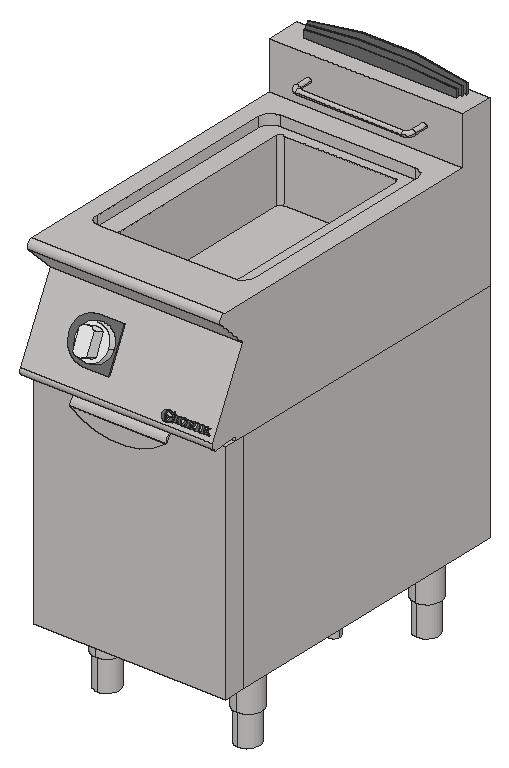
Revit family "QF_GIORIK_FG7417P", category Specialty Equipment, Revit 2014
Parameters (values of type "FG7417P")
  Weight in Pounds = 149.9142
  Watts = 100 W
  Volts = 230 V
  URL Cutsheet = "www.giorik.com"
  URL = "www.giorik.com"
  Status [instance] = ""
  Specification by User [instance] = ""
  Specification by Manufacturer = ""
  Show Logo [instance] = yes
  Show Clearance [instance] = yes
  Serial Number = ""
  Seismic Rating = ""
  SMACNA No = ""
  Revision Code [instance] = ""
  Phase = 1
  Number of Poles [instance] = 1
  NAFEM Spec ID Number = ""
  Model = "FG7417P"
  Min Ckt Ampacity = 0 A
  Mechanical Remarks [instance] = "Natural Gas"
  Mechanical Connection Type [instance] = ""
  Max Overcurrent Protection = 0 A
  Masterspec = ""
  Manufacturer = "GIORIK"
  Item Number [instance] = ""
  Installed By [instance] = ""
  Identify Quantity as Lot [instance] = no
  HP = "0.134102000000"
  Gas Size = 1"
  Gas RI Height [instance] = 0 mm
  Gas KW = 16
  Gas Input = 16000 W
  Gas Connection Height [instance] = 150 mm
  Furnished By [instance] = ""
  Foodservice Equipment Identifier [instance] = yes
  FL Amps = 0 A
  Electrical Remarks [instance] = ""
  Electric Connection Type [instance] = ""
  Elec Conn RI Height [instance] = 0 mm
  Elec Conn Connection Height [instance] = 150 mm
  Description = "17 LITRE GAS FRYER."
  Cycle = 50 Hz
  Conn Plug = ""
  Conn Conduit [instance] = no
  CSI MasterFormat = ""
  Assembly Code = "E1090320"
  Apparent Power = 100 VA
Reference planes
  plane 1 "Back": y = 0
  plane 2: z = 0
  plane 3 "Left": x = 0
  plane 4 "Right": x = 400
  plane 5 "Front": y = -720
  plane 6 "Top": z = 900
Forms (mm)
  Extrusion 1, solid, visible <- "Show Logo"
    sketch origin (196.604, -736.761, 609.486) x (-1, 0, 0) y (0, 0.452718, 0.891654)
      loop
        line (-118.824, 58.358) -> (-127.804, 58.358) -> (-125.523, 56.445) -> (-125.523, 48.027) -> (-127.804, 46.113) -> (-118.824, 46.113) -> (-121.105, 48.027) -> (-121.105, 56.445) -> (-118.824, 58.358)
      loop
        line (-163.721, 58.358) -> (-172.7, 58.358) -> (-170.42, 56.445) -> (-170.42, 48.027) -> (-172.7, 46.113) -> (-163.721, 46.113) -> (-166.001, 48.027) -> (-166.001, 56.445) -> (-163.721, 58.358)
      loop
        line (-174.332, 58.358) -> (-183.312, 58.358) -> (-181.031, 56.445) -> (-181.031, 52.435) -> (-186.419, 56.955) -> (-184.416, 58.358) -> (-191.268, 58.358) -> (-188.01, 56.839) -> (-185.455, 54.283) -> (-190.846, 47.858) -> (-193.396, 46.93) -> (-193.396, 46.113) -> (-184.416, 46.113) -> (-185.437, 47.571) -> (-182.443, 51.552) -> (-181.031, 50.894) -> (-181.031, 48.027) -> (-183.312, 46.113) -> (-174.332, 46.113) -> (-176.613, 48.027) -> (-176.613, 56.445) -> (-174.332, 58.358)
      loop
        line (-115.429, 62.063) -> (-115.429, 54.198)
        arc (-115.429, 54.198) -> (-111.618, 57.803) -> (-106.847, 59.986) r 16.039
        arc (-106.847, 59.986) -> (-103.314, 59.837) -> (-100.512, 57.68) r 5.851
        arc (-100.512, 57.68) -> (-98.815, 52.267) -> (-100.512, 46.853) r 9.479
        arc (-100.512, 46.853) -> (-102.406, 44.986) -> (-104.846, 43.93) r 7.236
        arc (-104.846, 43.93) -> (-107.728, 44.111) -> (-110.052, 45.825) r 5.11
        line (-110.052, 45.825) -> (-110.052, 52.001) -> (-116.141, 52.001) -> (-116.141, 45.503) -> (-117.893, 43.751) -> (-114.094, 44.769)
        arc (-114.094, 44.769) -> (-112.56, 44.947) -> (-111.129, 44.366) r 3.115
        arc (-111.129, 44.366) -> (-104.216, 42.091) -> (-97.303, 44.366) r 11.641
        arc (-97.303, 44.366) -> (-93.396, 52.107) -> (-97.303, 59.849) r 9.622
        arc (-97.303, 59.849) -> (-104.369, 62.174) -> (-111.435, 59.849) r 11.898
        line (-111.435, 59.849) -> (-115.429, 62.063)
      loop
        arc (-129.234, 56.068) -> (-135.893, 58.628) -> (-142.552, 56.068) r 9.941
        arc (-142.552, 56.068) -> (-144.234, 52.286) -> (-142.552, 48.505) r 5.093
        arc (-142.552, 48.505) -> (-135.893, 45.945) -> (-129.234, 48.505) r 9.941
        arc (-129.234, 48.505) -> (-127.552, 52.286) -> (-129.234, 56.068) r 5.093
      loop
        arc (-132.628, 54.403) -> (-135.893, 57.668) -> (-139.158, 54.403) r 3.265
        line (-139.158, 54.403) -> (-139.158, 50.169)
        arc (-139.158, 50.169) -> (-135.893, 46.904) -> (-132.628, 50.169) r 3.265
        line (-132.628, 50.169) -> (-132.628, 54.403)
      loop
        arc (-156.363, 58.365) -> (-159.647, 55.081) -> (-156.363, 51.796) r 3.285
        line (-156.363, 51.796) -> (-159.529, 47.306) -> (-162.087, 46.113) -> (-155.847, 46.113) -> (-153.529, 51.083) -> (-150.637, 51.083) -> (-150.637, 47.784) -> (-153.022, 46.113) -> (-144.011, 46.113) -> (-146.094, 47.68) -> (-146.094, 56.493) -> (-144.229, 58.365) -> (-156.363, 58.365)
      loop
        line (-150.637, 57.512) -> (-153.637, 57.512)
        arc (-153.637, 57.512) -> (-156.237, 54.912) -> (-153.637, 52.312) r 2.6
        line (-153.637, 52.312) -> (-150.637, 52.312) -> (-150.637, 57.512)
      loop
        line (-108.924, 52.001) -> (-104.936, 49.005) -> (-100.948, 52.001) -> (-108.924, 52.001)
    from 1.5 to -0.5
  Extrusion 2, solid
    sketch origin (-16, 1025.81, 0) x (1, 0, 0) y (0, 1, 0)
      loop
        line (25, -1086.81) -> (25, -1156.81) -> (115, -1156.81) -> (115, -1086.81) -> (25, -1086.81)
    from 148 to 150
  Extrusion 3, solid
    sketch origin (-14, 0, 130) x (1, 0, 0) y (0, 1, 0)
      loop
        circle (54, -385) r 12.5
    from 0 to 20
  Extrusion 4, solid
    sketch origin (0, 1000, -20) x (0, 1, 0) y (0, 0, 1)
      loop
        line (-1000, 989.988) -> (-1070, 989.988) -> (-1070, 889.988) -> (-1688.806, 889.988)
        arc (-1688.806, 889.988) -> (-1699.151, 883.075) -> (-1696.724, 870.873) r 11.197
        line (-1696.724, 870.873) -> (-1640.876, 815.025) -> (-1718.948, 661.258)
        arc (-1718.948, 661.258) -> (-1718.233, 650.105) -> (-1708.118, 645.354) r 10.981
        line (-1708.118, 645.354) -> (-1660, 649.925) -> (-1660, 640) -> (-1000, 640) -> (-1000, 989.988)
    from 0 to 400
  Extrusion 5, solid
    sketch origin (0, 0, 599.536) x (1, 0, 0) y (0, 1, 0)
      loop
        line (0, -640) -> (40, -640) -> (40, -40) -> (360, -40) -> (360, -640) -> (400, -640) -> (400, 0) -> (0, 0) -> (0, -640)
    from -449.536 to 20.464
  Extrusion 6, solid
    sketch origin (0, 0, 0) x (1, 0, 0) y (0, 1, 0)
      loop
        line (40, -40) -> (40, -640) -> (360, -640) -> (360, -40) -> (40, -40)
    from 150 to 190
  Extrusion 7, solid
    sketch origin (-16, 560.81, 0) x (1, 0, 0) y (0, 1, 0)
      loop
        line (25, -1086.81) -> (25, -1156.81) -> (115, -1156.81) -> (115, -1086.81) -> (25, -1086.81)
    from 148 to 150
  Revolve 8, solid
    sketch origin (54, 560.81, 0) x (0, 1, 0) y (0, 0, 1)
      loop
        line (-1092.56, 66) -> (-1092.56, 148) -> (-1121.81, 148) -> (-1121.81, 0) -> (-1096.81, 0) -> (-1096.81, 66) -> (-1092.56, 66)
      axis (-1121.81, 0) -> (-1121.81, 148)
    angle from 0 to 360
  Revolve 9, solid
    sketch origin (54, 1025.81, 0) x (0, 1, 0) y (0, 0, 1)
      loop
        line (-1092.56, 66) -> (-1092.56, 148) -> (-1121.81, 148) -> (-1121.81, 0) -> (-1096.81, 0) -> (-1096.81, 66) -> (-1092.56, 66)
      axis (-1121.81, 0) -> (-1121.81, 148)
    angle from 0 to 360
  Extrusion 10, solid
    sketch origin (416, 560.81, 0) x (-1, 0, 0) y (0, -1, 0)
      loop
        line (25, 1086.81) -> (115, 1086.81) -> (115, 1156.81) -> (25, 1156.81) -> (25, 1086.81)
    from 148 to 150
  Revolve 11, solid
    sketch origin (346, 560.81, 0) x (0, 1, 0) y (0, 0, -1)
      loop
        line (-1092.56, -66) -> (-1096.81, -66) -> (-1096.81, 0) -> (-1121.81, 0) -> (-1121.81, -148) -> (-1092.56, -148) -> (-1092.56, -66)
      axis (-1121.81, 0) -> (-1121.81, -148)
    angle from 0 to 360
  Extrusion 12, solid
    sketch origin (416, -1217.81, 0) x (-1, 0, 0) y (0, -1, 0)
      loop
        line (25, -1086.81) -> (25, -1156.81) -> (115, -1156.81) -> (115, -1086.81) -> (25, -1086.81)
    from 148 to 150
  Revolve 13, solid
    sketch origin (346, -1217.81, 0) x (0, -1, 0) y (0, 0, 1)
      loop
        line (-1092.56, 66) -> (-1092.56, 148) -> (-1121.81, 148) -> (-1121.81, 0) -> (-1096.81, 0) -> (-1096.81, 66) -> (-1092.56, 66)
      axis (-1121.81, 0) -> (-1121.81, 148)
    angle from 0 to 360
  Extrusion 14, solid
    sketch origin (-293.221, -963.345, 52.363) x (1, 0, 0) y (0, 0.452718, 0.891654)
      loop
        line (463.221, 676.25) -> (463.221, 766.25) -> (409.698, 766.25)
        arc (409.698, 766.25) -> (364.698, 721.25) -> (409.698, 676.25) r 45
        line (409.698, 676.25) -> (463.221, 676.25)
    from 48 to 50
  Extrusion 15, solid
    sketch origin (481.331, -1008.697, 74.959) x (-1, 0, 0) y (0, -0.45351, -0.891251)
      loop
        circle (351.331, -721.346) r 35
    from 0 to 15
  Extrusion 16, solid
    sketch origin (481.331, -1008.697, 74.959) x (-1, 0, 0) y (0, -0.45351, -0.891251)
      loop
        arc (336.331, -743.846) -> (351.331, -748.846) -> (366.331, -743.846) r 25
        line (366.331, -743.846) -> (366.331, -698.846)
        arc (366.331, -698.846) -> (351.331, -693.846) -> (336.331, -698.846) r 25
        line (336.331, -698.846) -> (336.331, -743.846)
    from 15 to 40
  Extrusion 17, solid
    sketch origin (-94, 0, 59.999) x (1, 0, 0) y (0, 0, 1)
      loop
        line (135, 909.989) -> (453, 909.989) -> (453, 925.527) -> (347.056, 931.749) -> (240.944, 931.749) -> (135, 925.527) -> (135, 909.989)
    from 32 to 35
  Extrusion 18, solid
    sketch origin (-92, 10, 59.999) x (1, 0, 0) y (0, 0, 1)
      loop
        line (454, 909.989) -> (454, 928.527) -> (346.162, 939.193) -> (237.838, 939.193) -> (130, 928.527) -> (130, 909.989) -> (454, 909.989)
    from 32 to 35
  Extrusion 19, solid
    sketch origin (-90, 20, 59.999) x (1, 0, 0) y (0, 0, 1)
      loop
        line (455, 909.989) -> (455, 930.527) -> (345.396, 947.413) -> (234.604, 947.413) -> (125, 930.527) -> (125, 909.989) -> (455, 909.989)
    from 32 to 35
  Extrusion 20, void
    sketch origin (0, 0, 819.988) x (0, 1, 0) y (-1, 0, 0)
      loop
        arc (-120, -60) -> (-127.322, -42.322) -> (-145, -35) r 25
        line (-145, -35) -> (-565.002, -35)
        arc (-565.002, -35) -> (-582.68, -42.322) -> (-590.002, -60) r 25
        line (-590.002, -60) -> (-590.002, -340)
        arc (-590.002, -340) -> (-582.68, -357.678) -> (-565.002, -365) r 25
        line (-565.002, -365) -> (-145, -365)
        arc (-145, -365) -> (-127.322, -357.678) -> (-120, -340) r 25
        line (-120, -340) -> (-120, -60)
    from -100 to 50
  Extrusion 21, solid
    sketch origin (0, 0, 900) x (0, 1, 0) y (-1, 0, 0)
      loop
        arc (-120, -60) -> (-127.322, -42.322) -> (-145, -35) r 25
        line (-145, -35) -> (-565.002, -35)
        arc (-565.002, -35) -> (-582.68, -42.322) -> (-590.002, -60) r 25
        line (-590.002, -60) -> (-590.002, -340)
        arc (-590.002, -340) -> (-582.68, -357.678) -> (-565.002, -365) r 25
        line (-565.002, -365) -> (-145, -365)
        arc (-145, -365) -> (-127.322, -357.678) -> (-120, -340) r 25
        line (-120, -340) -> (-120, -60)
      loop
        arc (-140, -85.011) -> (-142.929, -77.94) -> (-150, -75.011) r 10
        line (-150, -75.011) -> (-555.002, -75.011)
        arc (-555.002, -75.011) -> (-562.073, -77.94) -> (-565.002, -85.011) r 10
        line (-565.002, -85.011) -> (-565.002, -315)
        arc (-565.002, -315) -> (-562.073, -322.071) -> (-555.002, -325) r 10
        line (-555.002, -325) -> (-150, -325)
        arc (-150, -325) -> (-142.929, -322.071) -> (-140, -315) r 10
        line (-140, -315) -> (-140, -85.011)
    from -180.012 to -50
  Extrusion 22, solid
    sketch origin (0, -725, 0) x (1, 0, 0) y (0, 0, 1)
      loop
        line (0, 620) -> (0, 150) -> (400, 150) -> (400, 620) -> (0, 620)
    from -85 to -40
  Extrusion 23, solid
    sketch origin (2.5, -725, -20.1) x (0, 1, 0) y (0, 0, 1)
      loop
        arc (25, 640.1) -> (14.393, 635.707) -> (10, 625.1) r 15
        line (10, 625.1) -> (12, 625.1)
        arc (12, 625.1) -> (15.808, 634.292) -> (25, 638.1) r 13
        line (25, 638.1) -> (40, 638.1) -> (40, 640.1) -> (25, 640.1)
    from 97.5 to 297.5
  Extrusion 24, solid
    sketch origin (2.5, -724.905, -20.1) x (1, 0, 0) y (0, 0, 1)
      loop
        arc (97.5, 625.1) -> (197.5, 590.089) -> (297.5, 625.1) r 160.316
        line (297.5, 625.1) -> (97.5, 625.1)
    from -11.905 to -9.905
  Extrusion 25, solid, visible <- "Show Clearance", detail levels coarse
    sketch origin (395, -725, 0) x (-1, 0, 0) y (0, -1, 0)
      loop
        line (-5, -40) -> (395, -40)
        arc (395, -40) -> (277.534, 241.069) -> (-5, 354.968) r 395
        line (-5, 354.968) -> (-5, -40)
    from 150 to 620
  Extrusion 26, solid
    sketch origin (0, 0, 100) x (0, 1, 0) y (-1, 0, 0)
      loop
        circle (-380, -380) r 12.5
    from 30 to 50
  Sweep 27, solid
    path origin (0, 0, 919.988) x (0, 1, 0) y (-1, 0, 0)
      loop
        line (-70, -80) -> (-100, -80)
        arc (-100, -80) -> (-107.071, -82.929) -> (-110, -90) r 10
        line (-110, -90) -> (-110, -310)
        arc (-110, -310) -> (-107.071, -317.071) -> (-100, -320) r 10
        line (-100, -320) -> (-70, -320)
    profile origin (80, -85, 919.988) x (1, 0, 0) y (0, 0, 1)
      loop
        circle (0, 0) r 5
Cuts and joins
  Extrusion 20 cuts Extrusion 4
Lines and regions (mm)
  symbolic lines, style "200-EquipBorder-2D"
    curve 1: line (0, -720, 0) -> (400, -720, 0)
    curve 2: line (400, -720, 0) -> (400, 0, 0)
    curve 3: line (400, 0, 0) -> (0, 0, 0)
    curve 4: line (0, 0, 0) -> (0, -720, 0)
  symbolic lines, style "200-EquipInternal-2D"
    curve 5: line (35, -12, 900) -> (365, -12, 900)
    curve 6: line (365, -12, 900) -> (365, -15, 900)
    curve 7: line (365, -15, 900) -> (35, -15, 900)
    curve 8: line (35, -15, 900) -> (35, -12, 900)
    curve 9: line (38, -22, 900) -> (362, -22, 900)
    curve 10: line (362, -22, 900) -> (362, -25, 900)
    curve 11: line (362, -25, 900) -> (38, -25, 900)
    curve 12: line (38, -25, 900) -> (38, -22, 900)
    curve 13: line (41, -32, 900) -> (359, -32, 900)
    curve 14: line (359, -32, 900) -> (359, -35, 900)
    curve 15: line (359, -35, 900) -> (41, -35, 900)
    curve 16: line (41, -35, 900) -> (41, -32, 900)
    curve 17: line (340, -120, 900) -> (60, -120, 900)
    curve 18: arc (60, -120, 900) -> (42.322, -127.322, 900) -> (35, -145, 900) r 25
    curve 19: line (35, -145, 900) -> (35, -565, 900)
    curve 20: arc (365, -145, 900) -> (357.678, -127.322, 900) -> (340, -120, 900) r 25
    curve 21: arc (340, -590, 900) -> (356.212, -584.031, 900) -> (364.682, -568.975, 900) r 25
    curve 22: line (60, -590, 900) -> (340, -590, 900)
    curve 23: arc (35, -565, 900) -> (42.322, -582.678, 900) -> (60, -590, 900) r 25
    curve 24: line (365, -565.002, 900) -> (365, -145, 900)
    curve 27: line (85, -140, 900) -> (315, -140, 900)
    curve 28: line (325, -150, 900) -> (325, -555.002, 900)
    curve 29: line (75, -555.002, 900) -> (75, -150, 900)
    curve 30: line (315, -565.002, 900) -> (85, -565.002, 900)
    curve 31: arc (85, -140, 900) -> (77.929, -142.929, 900) -> (75, -150, 900) r 10
    curve 32: arc (315, -140, 900) -> (322.071, -142.929, 900) -> (325, -150, 900) r 10
    curve 33: arc (75, -555.002, 900) -> (77.929, -562.073, 900) -> (85, -565.002, 900) r 10
    curve 34: arc (315, -565.002, 900) -> (322.071, -562.073, 900) -> (325, -555.002, 900) r 10
    curve 35: line (75, -70, 900) -> (75, -99.667, 900)
    curve 36: line (85, -100, 900) -> (85, -70, 900)
    curve 37: line (89.989, -104.989, 900) -> (310.27, -104.989, 900)
    curve 38: line (315.032, -100.227, 900) -> (315.032, -70, 900)
    curve 39: line (325.032, -70, 900) -> (325.032, -100.301, 900)
    curve 40: line (310.333, -115, 900) -> (90.333, -115, 900)
    curve 41: arc (90.333, -115, 900) -> (79.491, -110.509, 900) -> (75, -99.667, 900) r 15.333
    curve 42: arc (85, -100, 900) -> (86.461, -103.528, 900) -> (89.989, -104.989, 900) r 4.989
    curve 43: arc (310.333, -115, 900) -> (320.727, -110.695, 900) -> (325.032, -100.301, 900) r 14.699
    curve 44: arc (315.032, -100.227, 900) -> (313.637, -103.594, 900) -> (310.27, -104.989, 900) r 4.762
    curve 45: line (85, -70, 900) -> (315.032, -70, 900)
    curve 46: line (0, -70, 900) -> (75, -70, 900)
    curve 47: line (325, -70, 900) -> (400, -70, 900)
  symbolic lines, style "QF_Door-Drawer Clearances", visible <- "Show Clearance", detail levels coarse
    curve 25: arc (400, -1079.968, 0) -> (130.204, -978.101, 0) -> (1.554, -720, 0) r 395
    curve 26: line (400, -720, 0) -> (400, -1079.968, 0)
Dimensions and locks
  plane 3 "Left" to plane 4 "Right" = 400 mm
  plane 5 "Front" to plane 1 "Back" = 720 mm
  plane 4 "Right" to plane 3 "Left" = 400 mm
  plane 1 "Back" to plane 5 "Front" = 720 mm
  plane 6 "Top" to level = 900 mm  (x2)
  aligned and locked: level to plane 2
Connectors
  electrical at (380, -380, 130), driven by "Apparent Power", driven by "Volts", driven by "Number of Poles"
    settings: on Extrusion 26, index 1, voltage 230 V, apparent load 0 VA, apparent load phase1 100 VA, apparent load phase2 0 VA, apparent load phase3 0 VA, power factor 1, load classification "Other", number of poles 1, system type 31, power factor state 1, is connector primary yes, connector utility no, sub classification motor no, connector description "Electrical connection"
  piping at (40, -385, 130), diameter 25.4, driven by "Gas Size"
    settings: on Extrusion 3, index 2, connector inside diameter 24", connector length 0 mm, flow factor 0, pipe flow 0.0 L/s, pressure drop 0.0 Pa, fitting loss kfactor 0, connector angle 0.00°, fixture units 0, engagement length 0 mm, angle of deflection 0.00°, flow configuration 1, flow direction 1, fitting loss method 0, system type 22, joint type 0, gender type 0, connector reference index -1, connector utility 0, adjustable connector no, is connector primary yes, connector description "Gas inlet"
